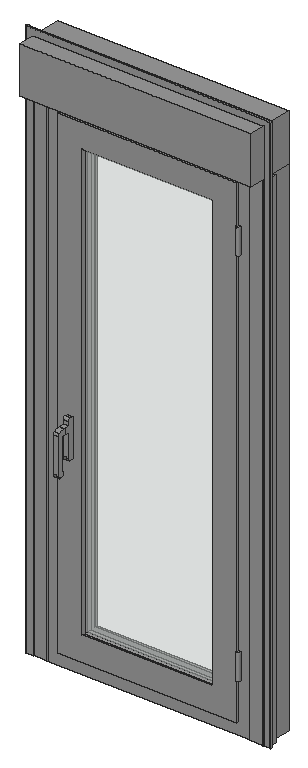
Revit family "2015_Ventana_Alugom_65-Optima_Balconera-Monoblock-1-Hoja_JGJGJG", category Ventanas, Revit 2015
Parameters (values of type "800 x 2000 mm Balconera")
  𝑙𝑔 = 2 * ((Anchura / 1 mm - (AnchoMarco / 1 mm * 2)) + (Altura / 1 mm - (AnchoMarco / 1 mm * 2)))  # 4460
  𝑈𝑤 = ((𝐴𝑔 * 𝑈𝑔) + (𝐴𝑓 * 𝑈𝑓) + ((𝑙𝑔 * Y𝑔) * 1000)) / (𝐴𝑔 + 𝐴𝑓)  # 2.9812
  𝑈𝑔 = 1.9
  𝑈𝑓 = 3.629
  𝐴𝑔 = (Altura / 1 mm - (AnchoMarco / 1 mm * 2)) * (Anchura / 1 mm - (AnchoMarco / 1 mm * 2))  # 883225
  𝐴𝑓 = (((Altura / 1 mm + Anchura / 1 mm) * AnchoMarco / 1 mm) * 2) - (AnchoMarco / 1 mm * AnchoMarco / 1 mm * 4)  # 716775
  Y𝑔 = 0.11
  VidaUtilEsperada = ""
  VersionElementoBIM = "1.0"  # constant formula
  UnidadMedicion = ""
  UnidadMantenimiento = ""
  Unidad = ""
  Uniclass2.0Titulo = "\"Door and window systems\""
  Uniclass2.0Codigo = "\"25-30\""
  URLProducto = "http://www.alugom.com/Catalogo/tabid/336/ProdID/47/Language/es-ES/CatID/2/ventana_practicable_de_camara_europea_de_65_mm_con_RPT.aspx"
  URL Poliamida - Catálogo = "http://www.technoform.com/fileadmin/Technoform_Bautec/standardprofiles.html"
  URL Poliamida = "http://www.technoform.es/"
  URL = "http://www.alugom.com/"
  UNSPSCTitulo = "Windows"  # constant formula
  UNSPSCCodigo = "30171600"  # constant formula
  Fabricante = "Grupo ALUGOM"  # constant formula
  ConfiguracionPoliamidas = "320300 - 464700 - 464600 - 479900"  # constant formula
  Comentarios de tipo = "Sistema de Ventana Balconera con Monoblock de 1 Hoja Rotura de Puente Térmico Serie 65 Óptima Practicable."
  TransmitanciaTermica = 0.0000 W/(m²·K)
  TrabajoMantenimiento = ""
  TipoEmbalajeProteccion = ""
  TiempoMedioEntreFallos = ""
  TelefonoContacto = "+34 91 616 47 27"  # constant formula
  SalidaEmergencia = yes
  ResistenciaFuego = ""
  ResistenciaAlViento = "Clase 5"  # constant formula
  ResiduosPeligrososPorUnidad = 0
  ResiduosPeligrosos = 0
  ResiduosNoPeligrososPorUnidad = 0
  ResiduosNoPeligrosos = 0
  ResiduoRadioactivoPorUnidad = 0
  ResiduoRadioactivo = 0
  ResiduoInertePorUnidad = 0
  ResiduoInerte = 0
  RepisaInterior = no
  RepisaExterior = no
  ReferenciaUnidadFuncional = ""
  ReferenciaLote = ""
  ReferenciaContacto = "Alugom"  # constant formula
  Referencia = ""
  PuntoDeContacto = ""
  Practicable = yes
  Poliamida = Poliamida, Technoform Bautec, PA66 GF 25
  PermeabilidadAlAire = "Clase 4"  # constant formula
  PeriodoGarantia = ""
  Perimetro = (Anchura / 1 mm * 2) + (Altura / 1 mm * 2)  # 5600
  Oscilobatiente = no
  Operación = "Practicable"
  OmniclassTitulo = "Casment Window"  # constant formula
  OmniclassCodigo = "23.30.20.17.21.21"  # constant formula
  NumeroSerie = ""
  NumeroArticuloGlobalComercial = ""
  NumeroArticulo = ""
  NormativaMantenimiento = ""
  NivelSeguridad = ""
  Motorizada = no
  Modelo = "Serie 65 Óptima"
  MaterialEnvase = ""
  MaterialContenedor = ""
  MateriaPrima = 0
  MasterformatTitulo = "Aluminium Windows"  # constant formula
  MasterformatCodigo = "08 51 13"  # constant formula
  MasaSuperficialKgm2 = 0
  Marco = Aluminio
  Manija = yes
  LugarEnsamblaje = ""
  InstruccionesEspeciales = ""
  InformacionTecnica = "http://www.alugom.com/Catalogo/tabid/336/ProdID/47/Language/es-ES/CatID/2/ventana_practicable_de_camara_europea_de_65_mm_con_RPT.aspx"
  IndiceGlobalRedAcusticaTr = ""
  IndiceGlobalRedAcustica = "47dBA"
  IdentificadorGarantia = ""
  IFCClasificacion = ""
  GrosorMarco = 65 mm  # constant formula
  GrosorAcristalamiento = 39 mm  # constant formula
  GarantiaExtendida = ""
  FrecuenciaMantenimiento = ""
  FraccionAreaAcristalamiento = 0.00%
  FormacionFotoquimicaOzonoPorUnidad = 0
  FormacionFotoquimicaOzono = 0
  FechaVencimientoElementoBIM = "02/09/2017"  # constant formula
  FechaInstalacion = ""
  FechaInicioGarantia = ""
  FechaFinGarantia = ""
  FechaEvaluacion = ""
  FechaEmisionElementoBIM = "02/09/2016"  # constant formula
  FechaCompra = ""
  FaseCicloVida = ""
  FaltaDeRecursosPorUnidad = 0
  FaltaDeRecursos = 0
  FactorSombra = 0
  FactorSolarModificado = 3000000
  Exclusiones = ""
  EutrofizacionPorUnidad = 0
  Eutrofizacion = 0
  EtiquetaModelo = ""
  EstanqueidadAgua = "Clase E3300"  # constant formula
  Estado = ""
  EnergiaRenovableConsumidaPorUnidad = 0
  EnergiaRenovableConsumida = 0
  EnergiaPrimariaTotalConsumidaPorUnidad = 0
  EnergiaPrimariaTotalConsumida = 0
  EnergiaNoRenovableConsumidaPorUnidad = 0
  EnergiaNoRenovableConsumida = 0
  EmisionCO2 = 0
  EmailContacto = "alugom@alugom.com"  # constant formula
  DuracionVidaUtil = ""
  Detalle Perfileria = yes
  DestruccionCapaOzonoEstratosfericaPorUnidad = 0
  DestruccionCapaOzonoEstratosferica = 0
  DesfaseInterior = 0 mm
  DesfaseExterior = 0 mm
  Descripción = "Balconera Monoblock"
  DescripcionEvaluacion = ""
  CosteMantenimiento = 0
  CosteEnergeticoMj = 0 J
  CosteEnergeticoKwh = 0
  ControlHumos = yes
  ContenidoGarantia = ""
  CondicionesMantenimiento = ""
  CondicionesGeneralesDeContratacion = ""
  CondicionesEvaluacion = ""
  CodigoBedec = ""
  CodigoBarras = ""
  CertificadoMantenimiento = ""
  CerramientoExterior = yes
  CambioClimaticoPorUnidad = 0
  CambioClimatico = 0
  COBieCategoria = ""
  Aperturas Oscilobatiente [instance] = if(and(Aperturas, Oscilobatiente), 1 = 1, 1 = 0)  # no
  Aperturas [instance] = yes
  Anchura Real = if(Anchura > Anchura Máxima, Anchura Máxima, Anchura)  # 800 mm
  Anchura Máxima = 1700 mm  # constant formula
  AnchoMarcoCentral = 195 mm  # constant formula
  AnchoMarco = 142.5 mm  # constant formula
  Altura Real = if(Altura > Altura Máxima, Altura Máxima, Altura)  # 2000 mm
  Altura Máxima = 2500 mm  # constant formula
  Altura = 2000 mm
  Bimetica = "http://www.bimetica.com"
  AñoProduccion = ""
  Autor = "Bimetica Parametric Design Services, S.L."  # constant formula
  Area = Altura Real * Anchura Real  # 1600000.00 mm²
  Altura de antepecho por defecto = 0 mm
  Cierre de muro = Por anfitrión
  Anchura = 800 mm
  AguaConsumidaPorUnidad = 0
  AguaConsumida = 0
  Acristalamiento = Cristal - Vidrio claro templado
  AcidificacionAtmosfericaPorUnidad = 0
  AcidificacionAtmosferica = 0
  Acabado = ""
Reference planes
  plane 1 "Centro (Frontal/Posterior)": y = -35
  plane 2 "Centro (Izquierda/Derecha)": x = 0
  plane 3 "Izquierda": x = -400
  plane 4 "Derecha": x = 400
  plane 5 "Antepecho": z = 0
  plane 6 "Extremo inicial": z = 2000
  plane 7 "Exterior": y = -100
  plane 8 "Interior": y = -100
  plane 9: z = 1000
  plane 10 "Monoblock": z = 2185
  plane 11: x = 454.485
  plane 12: x = -454.485
Forms (mm)
  Sweep 1, solid, material "Aluminio" <- "Marco"
    path origin (0, -100, 0) x (1, 0, 0) y (0, 0, 1)
      loop
        line (400, 0) -> (400, 2000) -> (-400, 2000) -> (-400, 0) -> (400, 0)
    profile origin (400, -100, 1000) x (-1, 0, 0) y (0, -1, 0)
      loop
        line (0, -65) -> (76, -65) -> (76, -60) -> (53.022, -60) -> (53.022, 0) -> (0, 0) -> (0, -65)
  Sweep 2, solid, material "Aluminio" <- "Marco"
    path origin (0, -100, 0) x (1, 0, 0) y (0, 0, 1)
      loop
        line (400, 0) -> (400, 2000) -> (-400, 2000) -> (-400, 0) -> (400, 0)
    profile origin (400, -100, 1000) x (-1, 0, 0) y (0, -1, 0)
      loop
        line (132.002, -48.748) -> (132.002, -9.748) -> (147.518, -9.748) -> (142.502, -4.732) -> (142.502, 7) -> (48, 7) -> (48, 0) -> (65.502, 0) -> (65.502, -60) -> (82, -60) -> (82, -65) -> (142.504, -65) -> (142.504, -55.651) -> (146.652, -48.748) -> (132.002, -48.748)
  Extrusion 3, solid, material "Cristal - Vidrio claro templado" <- "Acristalamiento"
    sketch origin (0, 0, 0) x (1, 0, 0) y (0, 1, 0)
      loop
        line (-268, -51.252) -> (-268, -90.252) -> (267.998, -90.252) -> (267.998, -51.252) -> (-268, -51.252)
    from 132 to 1868
  Extrusion 4, solid, material "Aluminio" <- "Marco", detail levels fine
    sketch origin (0, 0, 0) x (0, -1, 0) y (1, 0, 0)
      loop
        line (101.875, 362.389) -> (100, 359) -> (100, 352) -> (108, 352)
        arc (108, 352) -> (114.03, 362.555) -> (101.875, 362.389) r 7
    from 200 to 300
  Extrusion 5, solid, material "Aluminio" <- "Marco", visible <- "Manija", detail levels fine
    sketch origin (-400, 0, 0) x (0, -1, 0) y (0, 0, 1)
      loop
        line (107, 750) -> (117, 750)
        arc (117, 750) -> (124.071, 752.929) -> (127, 760) r 10
        line (127, 760) -> (127, 850.581) -> (145.126, 853.452) -> (145.126, 873.452) -> (127, 876.323) -> (127, 890)
        arc (127, 890) -> (124.071, 897.071) -> (117, 900) r 10
        line (117, 900) -> (107, 900) -> (107, 750)
    from -105.3 to -85.3
  Extrusion 6, solid, material "Aluminio" <- "Marco", visible <- "Manija", detail levels fine
    sketch origin (0, 0, 0) x (0, -1, 0) y (0, 0, 1)
      loop
        line (145.126, 853.452) -> (155.126, 853.452)
        arc (155.126, 853.452) -> (158.662, 851.988) -> (160.126, 848.452) r 5
        line (160.126, 848.452) -> (160.126, 727.519)
        arc (160.126, 727.519) -> (159.505, 709.55) -> (175.126, 718.452) r 10.295
        line (175.126, 718.452) -> (175.126, 859.132)
        arc (175.126, 859.132) -> (174.063, 862.737) -> (171.473, 865.461) r 8.011
        arc (171.473, 865.461) -> (158.662, 870.651) -> (145.126, 873.452) r 76.54
        line (145.126, 873.452) -> (145.126, 853.452)
    from 294.7 to 314.7
  Extrusion 7, solid, material "Aluminio" <- "Marco", detail levels fine
    sketch origin (0, 0, 2000) x (0, -1, 0) y (1, 0, 0)
      loop
        line (101.875, 362.389) -> (100, 359) -> (100, 352) -> (108, 352)
        arc (108, 352) -> (114.03, 362.555) -> (101.875, 362.389) r 7
    from -200 to -300
  Extrusion 8, solid, material "Aluminio" <- "Marco"
    sketch origin (0, 0, 0) x (0, -1, 0) y (1, 0, 0)
      loop
        line (101.4, -398.5) -> (100, -398.5) -> (100, -400) -> (-0.65, -400) -> (-0.65, -425.7) -> (-14.85, -425.7) -> (-14.85, -400) -> (-18.6, -400) -> (-18.6, -454.485) -> (62.6, -454.485) -> (62.6, -471.535) -> (89.4, -471.535) -> (89.4, -454.335) -> (97.2, -454.335) -> (97.2, -456.135) -> (98.4, -456.135) -> (98.4, -453) -> (101.4, -453) -> (101.4, -398.5)
      loop
        line (101.4, 398.5) -> (101.4, 453) -> (98.4, 453) -> (98.4, 456.135) -> (97.2, 456.135) -> (97.2, 454.335) -> (89.4, 454.335) -> (89.4, 471.535) -> (62.6, 471.535) -> (62.6, 454.485) -> (-18.6, 454.485) -> (-18.6, 400) -> (-14.85, 400) -> (-14.85, 425.7) -> (-0.65, 425.7) -> (-0.65, 400) -> (100, 400) -> (100, 398.5) -> (101.4, 398.5)
    from 0 to 2000
  Extrusion 9, solid, material "Aluminio" <- "Marco"
    sketch origin (0, 0, 0) x (0, -1, 0) y (0, 0, 1)
      loop
        line (165.825, 2185) -> (-19.8, 2185) -> (-19.8, 2000) -> (165.825, 2000) -> (165.825, 2185)
    from -454.485 to 454.485
  Sweep 10, solid, material "Aluminio" <- "Marco", detail levels medium+fine
    path origin (0, -100, 0) x (1, 0, 0) y (0, 0, 1)
      loop
        line (454.485, 0) -> (454.485, 2185) -> (-454.485, 2185) -> (-454.485, 0)
    profile origin (454.485, -100, 1092.5) x (-1, 0, 0) y (0, -1, 0)
      loop
        line (1.185, -1.6) -> (1.185, 1.4) -> (2.985, 1.4) -> (2.985, 2.6) -> (-24.815, 2.6)
        arc (-24.815, 2.6) -> (-26.371, 1.956) -> (-27.015, 0.4) r 2.2
        line (-27.015, 0.4) -> (-27.015, -1.6) -> (1.185, -1.6)
Lines and regions (mm)
  Opening 1
    outline origin (3500, -100, 0) x (1, 0, 0) y (0, 0, 1)
      loop
        line (-3045.515, 0) -> (-3045.515, 2000) -> (-3954.485, 2000) -> (-3954.485, 0) -> (-3045.515, 0)
  symbolic lines, style "WindowsGlassProjection", detail levels medium+fine
    curve 1: line (-267.998, -90.252, 2000) -> (267.998, -90.252, 2000)
    curve 2: line (-267.998, -51.252, 2000) -> (-267.998, -90.252, 2000)
    curve 3: line (267.998, -51.252, 2000) -> (-267.998, -51.252, 2000)
    curve 4: line (267.998, -90.252, 2000) -> (267.998, -51.252, 2000)
    curve 5: line (-267.998, -85.252, 2000) -> (267.998, -85.252, 2000)
    curve 6: line (-267.998, -73.252, 2000) -> (267.998, -73.252, 2000)
    curve 7: line (-267.998, -68.252, 2000) -> (267.998, -68.252, 2000)
    curve 8: line (-267.998, -56.252, 2000) -> (267.998, -56.252, 2000)
    curve 9: line (-400, -51.252, 1868) -> (-400, -90.252, 1868)
    curve 10: line (-400, -51.252, 132) -> (-400, -51.252, 1868)
    curve 11: line (-400, -90.252, 132) -> (-400, -51.252, 132)
    curve 12: line (-400, -90.252, 1868) -> (-400, -90.252, 132)
  symbolic lines, style "WindowsGlassProjection", detail levels fine
    curve 13: line (-400, -85.252, 1868) -> (-400, -85.252, 132)
    curve 14: line (-400, -73.252, 1868) -> (-400, -73.252, 132)
    curve 15: line (-400, -68.252, 1868) -> (-400, -68.252, 132)
    curve 16: line (-400, -56.252, 1868) -> (-400, -56.252, 132)
  symbolic lines, style "Batiente de alzado", visible <- "Aperturas", detail levels medium+fine
    curve 17: line (352, -100, 1952) -> (-352, -100, 1000)
    curve 18: line (-352, -100, 1000) -> (352, -100, 48)
Text (mm)
  text "EXTERIOR" at (-1963.203, 1332.353, 0), in view "Nivel de referencia"
  text "INTERIOR" at (-1981.466, -818.386, 0), in view "Nivel de referencia"
  text "Exterior" at (0, 923.751, 2943.296), in view "Derecha"
  text "Exterior" at (0, 1040.484, 2685.409), in view "Izquierda"
Dimensions and locks
  equal spacing: plane 3 "Izquierda", plane 2 "Centro (Izquierda/Derecha)", plane 4 "Derecha"
  "Anchura Real": plane 3 "Izquierda" to plane 4 "Derecha"
  "Altura": plane 5 "Antepecho" to plane 6 "Extremo inicial"
  "Altura de antepecho por defecto": plane 5 "Antepecho" to level
  "DesfaseInterior": plane 8 "Interior" to plane 7 "Exterior"
  "DesfaseExterior": host wall to plane 7 "Exterior"
  "GrosorMarco": plane 8 "Interior" to plane 1 "Centro (Frontal/Posterior)"
  profile plane to Sweep 1 sketch curve to Sweep 1 sketch curve = 60 mm locked, 5 mm locked
  Sweep 1 sketch curve to Sweep 1 sketch curve to profile plane = 22.978 mm locked, 53.022 mm locked
  Sweep 2 sketch curve to profile plane to Sweep 2 sketch curve to Sweep 2 sketch curve to Sweep 2 sketch curve to Sweep 2 sketch curve to Sweep 2 sketch curve to Sweep 2 sketch curve = 7 mm locked, 4.732 mm locked, 5.016 mm locked, 39 mm locked, 6.903 mm locked, 4.349 mm locked, 5 mm locked
  Sweep 2 sketch curve to Sweep 2 sketch curve to Sweep 2 sketch curve to Sweep 2 sketch curve to Sweep 2 sketch curve to Sweep 2 sketch curve to Sweep 2 sketch curve to Sweep 2 sketch curve to profile plane = 0.866 mm locked, 4.148 mm locked, 0.003 mm locked, 10.5 mm locked, 50.002 mm locked, 16.498 mm locked, 17.502 mm locked, 48 mm locked
  locked: Extrusion 3 sketch curve to plane 4 "Derecha" at 132.002
  locked: plane 8 "Interior" to Extrusion 3 sketch curve at 9.748
  locked: Extrusion 3 to plane 5 "Antepecho" at 132
  locked: plane 6 "Extremo inicial" to Extrusion 3 at 132
  locked: Extrusion 4 sketch curve to plane 4 "Derecha" at 41
  locked: curve 4 to plane 4 "Derecha" at 132.002
  plane 8 "Interior" to curve 1 to curve 5 to curve 6 to curve 7 to curve 8 to curve 3 = 9.748 mm locked, 5 mm locked, 12 mm locked, 5 mm locked, 12 mm locked, 5 mm locked
  locked: plane 5 "Antepecho" to curve 11 at 132
  locked: curve 9 to plane 6 "Extremo inicial" at 132
  curve 10 to curve 16 to curve 15 to curve 14 to curve 13 to curve 12 to plane 8 "Interior" = 5 mm locked, 12 mm locked, 5 mm locked, 12 mm locked, 5 mm locked, 9.748 mm locked
  "GrosorAcristalamiento": Extrusion 3 to Extrusion 3
  plane 5 "Antepecho" to Extrusion 5 sketch curve to Extrusion 5 sketch curve to Extrusion 5 sketch curve to Extrusion 5 sketch curve to Extrusion 5 sketch curve to Extrusion 5 sketch curve to Extrusion 5 sketch curve to Extrusion 5 sketch curve = 750 mm locked, 10 mm locked, 90.581 mm locked, 2.871 mm locked, 20 mm locked, 2.871 mm locked, 13.677 mm locked, 10 mm
  plane 8 "Interior" to Extrusion 5 sketch curve to Extrusion 5 sketch curve to Extrusion 5 sketch curve to Extrusion 5 sketch curve = 7 mm locked, 20 mm, 0 mm locked, 18.126 mm locked
  plane 5 "Antepecho" to Extrusion 6 sketch curve to Extrusion 6 sketch curve to Extrusion 6 sketch curve to Extrusion 6 sketch curve to Extrusion 6 sketch curve to Extrusion 6 sketch curve to Extrusion 6 sketch curve = 718.361 mm locked, 9.158 mm locked, 69.888 mm locked, 51.046 mm locked, 5 mm locked, 5.28 mm locked, 14.72 mm locked
  plane 8 "Interior" to Extrusion 6 sketch curve to Extrusion 6 sketch curve to Extrusion 6 sketch curve to Extrusion 6 sketch curve to Extrusion 6 sketch curve to Extrusion 6 sketch curve to Extrusion 6 sketch curve = 36.444 mm locked, 8.682 mm locked, 10 mm locked, 5 mm locked, 4.705 mm locked, 2.294 mm locked, 8.001 mm locked
  equal spacing: plane 6 "Extremo inicial", plane 9, plane 5 "Antepecho"
  locked: Extrusion 4 sketch curve to plane 8 "Interior" at 8
  locked: Extrusion 7 sketch curve to plane 4 "Derecha" at 41
  locked: Extrusion 7 sketch curve to plane 8 "Interior" at 8
  Extrusion 8 sketch curve to plane 8 "Interior" to Extrusion 8 sketch curve to Extrusion 8 sketch curve to Extrusion 8 sketch curve to Extrusion 8 sketch curve to Extrusion 8 sketch curve to Extrusion 8 sketch curve to Extrusion 8 sketch curve = 1.4 mm locked, 1.6 mm locked, 1.2 mm locked, 7.8 mm locked, 26.8 mm locked, 63.25 mm locked, 14.2 mm locked, 3.75 mm locked  (x2)
  Extrusion 8 sketch curve to plane 4 "Derecha" to Extrusion 8 sketch curve to Extrusion 8 sketch curve to Extrusion 8 sketch curve to Extrusion 8 sketch curve to Extrusion 8 sketch curve to Extrusion 8 sketch curve = 1.5 mm locked, 25.7 mm locked, 27.3 mm locked, 1.335 mm locked, 0.15 mm locked, 1.65 mm locked, 15.4 mm locked
  Extrusion 8 sketch curve to Extrusion 8 sketch curve to Extrusion 8 sketch curve to Extrusion 8 sketch curve to Extrusion 8 sketch curve to Extrusion 8 sketch curve to plane 3 "Izquierda" to Extrusion 8 sketch curve = 15.4 mm locked, 1.65 mm locked, 0.15 mm locked, 1.335 mm locked, 27.3 mm locked, 25.7 mm locked, 1.5 mm locked
  locked: plane 10 "Monoblock" to plane 6 "Extremo inicial" at 185
  nested 5 to plane 8 "Interior" to nested 5 = 119.8 mm locked, 65.825 mm locked
  locked: plane 4 "Derecha" to plane 11 at 54.485
  locked: plane 12 to plane 3 "Izquierda" at 54.485
  Sweep 10 sketch curve to Sweep 10 sketch curve to profile plane to nested 1 = 1.8 mm locked, 1.185 mm locked, 27.015 mm locked
  Sweep 10 sketch curve to Sweep 10 sketch curve to profile plane to Sweep 10 sketch curve = 1.2 mm locked, 1.4 mm locked, 1.6 mm locked
  locked: plane 3 "Izquierda" to Extrusion 3 sketch curve at 132
  locked: plane 3 "Izquierda" to curve 2 at 132.002
  locked: plane 3 "Izquierda" to curve 18 at 48
  plane 3 "Izquierda" to Extrusion 5 to Extrusion 5 = 85.3 mm locked, 20 mm locked
  aligned and locked: nested 1 to plane 4 "Derecha"
  aligned and locked: nested 1 to plane 8 "Interior"
  aligned and locked: plane 8 "Interior" to nested 2
  aligned and locked: nested 2 to plane 3 "Izquierda"
  aligned and locked: Sweep 1 sketch curve to plane 4 "Derecha"
  aligned and locked: Sweep 1 sketch curve to plane 6 "Extremo inicial"
  aligned and locked: plane 3 "Izquierda" to Sweep 1 sketch curve
  aligned and locked: plane 5 "Antepecho" to Sweep 1 sketch curve
  aligned and locked: Sweep 1 sketch curve to profile plane
  aligned and locked: profile plane to Sweep 1 sketch curve
  aligned and locked: Sweep 2 sketch curve to plane 6 "Extremo inicial"
  aligned and locked: Sweep 2 sketch curve to plane 4 "Derecha"
  aligned and locked: plane 5 "Antepecho" to Sweep 2 sketch curve
  aligned and locked: plane 8 "Interior" to nested 3
  aligned and locked: nested 3 to plane 5 "Antepecho"
  aligned and locked: nested 4 to plane 6 "Extremo inicial"
  aligned and locked: nested 4 to plane 8 "Interior"
  aligned and locked: Extrusion 6 to Extrusion 5
  aligned and locked: Extrusion 5 to Extrusion 6
  aligned and locked: plane 9 to curve 18
  aligned and locked: Sweep 2 to curve 17  (x2)
  aligned and locked: curve 18 to Sweep 2
  aligned and locked: Sweep 2 to curve 18
  aligned and locked: plane 8 "Interior" to Extrusion 4 sketch curve
  aligned and locked: plane 8 "Interior" to Extrusion 7 sketch curve
  aligned and locked: plane 5 "Antepecho" to Extrusion 8
  aligned and locked: plane 3 "Izquierda" to Extrusion 8 sketch curve  (x2)
  aligned and locked: plane 8 "Interior" to Extrusion 8 sketch curve
  aligned and locked: nested 5 to plane 8 "Interior"
  aligned and locked: nested 5 to plane 6 "Extremo inicial"
  aligned and locked: Extrusion 8 sketch curve to plane 8 "Interior"
  aligned and locked: plane 6 "Extremo inicial" to Extrusion 9 sketch curve
  aligned and locked: plane 10 "Monoblock" to Extrusion 9 sketch curve
  aligned and locked: Opening 1 sketch curve to plane 12
  aligned and locked: plane 11 to Opening 1 sketch curve
  aligned and locked: plane 11 to Sweep 10 sketch curve
  aligned and locked: plane 12 to Sweep 10 sketch curve
  aligned and locked: plane 12 to Extrusion 9
  aligned and locked: plane 11 to Extrusion 9
  aligned and locked: plane 10 "Monoblock" to Sweep 10 sketch curve
  aligned and locked: Opening 1 sketch curve to plane 6 "Extremo inicial"
  aligned and locked: Extrusion 8 to plane 6 "Extremo inicial"
  aligned and locked: plane 3 "Izquierda" to Sweep 2 sketch curve
Automatic sketch dimensions
  plane 8 "Interior" to Sweep 2 sketch curve = 0 mm
  Opening 1 sketch curve to level = 0 mm
  Extrusion 6 sketch curve to Extrusion 6 sketch curve = 0.4 mm
  plane 8 "Interior" to Extrusion 4 sketch curve = 1.875 mm
  Extrusion 4 sketch curve to Extrusion 4 sketch curve = 7 mm
  Extrusion 4 sketch curve to Extrusion 4 sketch curve = 3.389 mm
  plane 8 "Interior" to Extrusion 7 sketch curve = 1.875 mm
  Extrusion 7 sketch curve to Extrusion 7 sketch curve = 7 mm
  Extrusion 7 sketch curve to Extrusion 7 sketch curve = 3.389 mm
  Extrusion 8 sketch curve to plane 4 "Derecha" = 0 mm  (x2)
  Extrusion 9 sketch curve to plane 1 "Centro (Frontal/Posterior)" = 54.8 mm
  plane 8 "Interior" to Extrusion 9 sketch curve = 65.825 mm
  plane 8 "Interior" to Sweep 10 sketch curve = 0.4 mm
  profile plane to Sweep 10 sketch curve = 27.015 mm
  Sweep 10 sketch curve to level = 0 mm  (x2)
  plane 1 "Centro (Frontal/Posterior)" to Extrusion 3 sketch curve = 16.252 mm
Nested families
  nested 1: "Alugom_65-Óptima_Balconera-Monoblock_Detalle-Carpintería" at (400, -100, 0) x (-1, 0, 0) z (0, 0, 1), visible <- "Detalle Perfileria", type "Marco y Hoja Practicable", detail levels medium+fine
  nested 2: "Alugom_65-Óptima_Balconera-Monoblock_Detalle-Carpintería" at (-400, -100, 0), visible <- "Detalle Perfileria", type "Marco y Hoja Practicable", detail levels medium+fine
  nested 3: "Alugom_65-Óptima_Balconera_Detalle-Carpintería" at (-400, -100, 0) x (0, 0, 1) z (-1, 0, 0), visible <- "Detalle Perfileria", type "Marco y Hoja Practicable", detail levels medium+fine
  nested 4: "Alugom_65-Óptima_Balconera_Detalle-Carpintería" at (-400, -100, 2000) x (0, 0, -1) z (-1, 0, 0), visible <- "Detalle Perfileria", type "Marco y Hoja Practicable", detail levels medium+fine
  nested 5: "Alugom_65-Óptima_Balconera-Monoblock_Detalle-Carpintería" at (0, -100, 2000) x (0, 0, -1) z (-1, 0, 0), visible <- "Detalle Perfileria", type "Caja Monoblock", detail levels medium+fine
Definition of nested family "Alugom_65-Óptima_Balconera-Monoblock_Detalle-Carpintería"
  Parameters (values of type "Caja Monoblock")
    URL = "http://www.alugom.com/"
    Montante Central 2H Practicables = no
    Model = "Serie ALG 65 ÓPTIMA"  # constant formula
    Marco y Hoja Practicable = no
    FechaVencimientoElementoBIM = "02/09/2017"  # constant formula
    FechaEmisionElementoBIM = "02/09/2016"  # constant formula
    Manufacturer = "Grupo ALUGOM"  # constant formula
    Description = "Detalle carpintería Balconera ALG 65 ÓPTIMA_Caja Monoblock"
    Caja Monoblock = yes
    Bimetica = "http://www.bimetica.com"
    Autor = "Bimetica Parametric Design Services, S.L."  # constant formula
  Types (3, lengths in mm): name | Montante Central 2H Practicables | Marco y Hoja Practicable | Description | Caja Monoblock
    Marco y Hoja Practicable | no | yes | "Detalle carpintería Balconera ALG 65 ÓPTIMA_Marco y Hoja Practicable" | no
    Montante Central 2H Practicables | yes | no | "Detalle carpintería Balconera ALG 65 ÓPTIMA_Montante Central 2H Practicables" | no
    Caja Monoblock | no | no | "Detalle carpintería Balconera ALG 65 ÓPTIMA_Caja Monoblock" | yes
  Reference planes
    plane 1 "Centro (Frontal/Posterior)": y = 0
    plane 2: z = 0
    plane 3 "Centro (Izquierda/Derecha)": x = 0
  Lines and regions (mm)
    Masking region 1, in view "Nivel de referencia", visible <- "Marco y Hoja Practicable"
      outline origin (0, 0, 0) x (1, 0, 0) y (0, 1, 0)
        loop
          line (76, 65) -> (0, 65) -> (0, 118.6) -> (-42.485, 118.6) -> (-42.485, 122.05) -> (-54.485, 122.05) -> (-54.485, 37.4) -> (-71.535, 37.4) -> (-71.535, 10.6) -> (-54.335, 10.6) -> (-54.335, 2.8) -> (-56.135, 2.8) -> (-56.135, 1.6) -> (-81.5, 1.6) -> (-81.5, -2.6) -> (-51.5, -2.6) -> (-51.5, -1.4) -> (1.5, -1.4) -> (1.5, 0) -> (48, 0) -> (48, -7) -> (142.502, -7) -> (142.502, 4.732) -> (147.518, 9.748) -> (132.002, 9.748) -> (132.002, 48.748) -> (146.652, 48.748) -> (142.504, 55.651) -> (142.504, 65) -> (82, 65) -> (82, 60) -> (76, 60) -> (76, 65)
    Masking region 2, in view "Nivel de referencia", visible <- "Montante Central 2H Practicables"
      outline origin (-45, 0, 0) x (1, 0, 0) y (0, 1, 0)
        loop
          line (76, 65) -> (14, 65) -> (14, 60) -> (8, 60) -> (8, 65) -> (-52.504, 65) -> (-52.504, 55.651) -> (-56.652, 48.748) -> (-42.002, 48.748) -> (-42.002, 9.748) -> (-57.518, 9.748) -> (-52.502, 4.732) -> (-52.502, -7) -> (42, -7) -> (42, 0) -> (48, 0) -> (48, -7) -> (142.502, -7) -> (142.502, 4.732) -> (147.518, 9.748) -> (132.002, 9.748) -> (132.002, 48.748) -> (146.652, 48.748) -> (142.504, 55.651) -> (142.504, 65) -> (82, 65) -> (82, 60) -> (76, 60) -> (76, 65)
    Masking region 3, in view "Nivel de referencia", visible <- "Caja Monoblock"
      outline origin (0, 0, 0) x (1, 0, 0) y (0, 1, 0)
        loop
          line (0, 119.8) -> (-185, 119.8) -> (-185, 17.581) -> (-205.2, 17.581) -> (-205.2, -8.419) -> (-190.2, -8.419) -> (-190.2, -18.419) -> (-215, -18.419) -> (-215, -22.619) -> (-185, -22.619) -> (-185, -65.825) -> (0, -65.825) -> (0, 119.8)
Definition of nested family "Alugom_65-Óptima_Balconera_Detalle-Carpintería"
  Parameters (values of type "Marco y Hoja Practicable")
    URL = "http://www.alugom.com/"
    Montante Central 2H Practicables = no
    Model = "Serie ALG 65 ÓPTIMA"  # constant formula
    Marco y Hoja Practicable = yes
    FechaVencimientoElementoBIM = "02/09/2017"  # constant formula
    FechaEmisionElementoBIM = "02/09/2016"  # constant formula
    Manufacturer = "Grupo ALUGOM"  # constant formula
    Description = "Detalle carpintería Balconera ALG 65 ÓPTIMA_Marco y Hoja Practicable"
    Bimetica = "http://www.bimetica.com"
    Autor = "Bimetica Parametric Design Services, S.L."  # constant formula
  Types (3, lengths in mm): name | Montante Central 2H Practicables | Marco y Hoja Practicable | Description
    (no name) | no | yes | "Detalle carpintería Balconera ALG 65 ÓPTIMA_Marco y Hoja Practicable"
    Marco y Hoja Practicable | no | yes | "Detalle carpintería Balconera ALG 65 ÓPTIMA_Marco y Hoja Practicable"
    Montante Central 2H Practicables | yes | no | "Detalle carpintería Balconera ALG 65 ÓPTIMA_Montante Central 2H Practicables"
  Reference planes
    plane 1 "Centro (Frontal/Posterior)": y = 0
    plane 2: z = 0
    plane 3 "Centro (Izquierda/Derecha)": x = 0
  Lines and regions (mm)
    Masking region 1, in view "Nivel de referencia", visible <- "Marco y Hoja Practicable"
      outline origin (0, 0, 0) x (1, 0, 0) y (0, 1, 0)
        loop
          line (76, 65) -> (0, 65) -> (0, 0) -> (48, 0) -> (48, -7) -> (142.502, -7) -> (142.502, 4.732) -> (147.518, 9.748) -> (132.002, 9.748) -> (132.002, 48.748) -> (146.652, 48.748) -> (142.504, 55.651) -> (142.504, 65) -> (82, 65) -> (82, 60) -> (76, 60) -> (76, 65)
    Masking region 2, in view "Nivel de referencia", visible <- "Montante Central 2H Practicables"
      outline origin (-45, 0, 0) x (1, 0, 0) y (0, 1, 0)
        loop
          line (76, 65) -> (14, 65) -> (14, 60) -> (8, 60) -> (8, 65) -> (-52.504, 65) -> (-52.504, 55.651) -> (-56.652, 48.748) -> (-42.002, 48.748) -> (-42.002, 9.748) -> (-57.518, 9.748) -> (-52.502, 4.732) -> (-52.502, -7) -> (42, -7) -> (42, 0) -> (48, 0) -> (48, -7) -> (142.502, -7) -> (142.502, 4.732) -> (147.518, 9.748) -> (132.002, 9.748) -> (132.002, 48.748) -> (146.652, 48.748) -> (142.504, 55.651) -> (142.504, 65) -> (82, 65) -> (82, 60) -> (76, 60) -> (76, 65)
